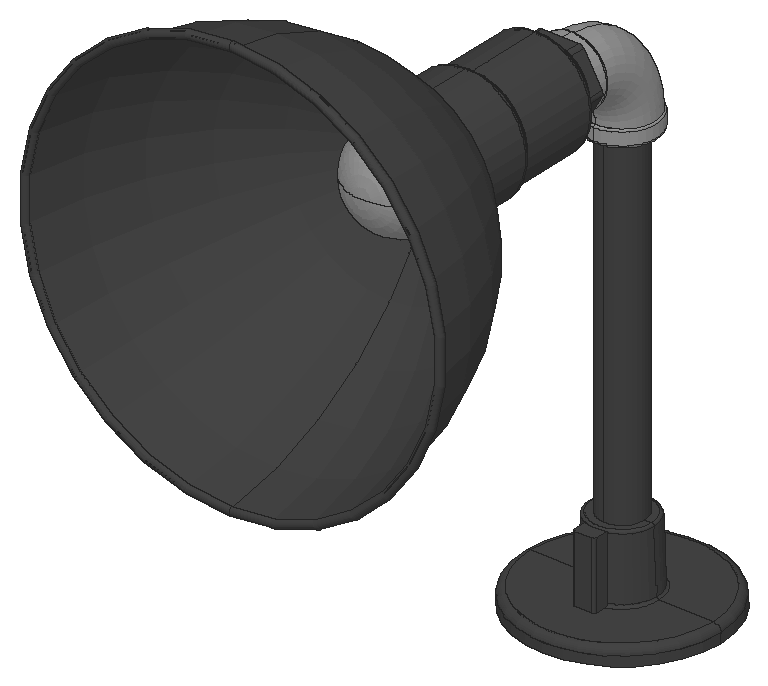
Revit family "BLE-G-DBW-G17-E26", category Lighting Fixtures, host Face, Revit 2022
Family settings
  Host = Face
  Round Connector Dimension = Use Diameter
  Part Type = Normal
  Cut with Voids When Loaded = No
  Light Source = Yes
  Maintain Annotation Orientation = No
  Shared = No
  Room Calculation Point = No
Parameters (values of type "10"")
  Wattage = 5.72229 W
  built-in parameter 1150110 = 1 (stored number, unit not read)
  built-in parameter 1114217 = 1 (stored number, unit not read)
  Tilt Angle = 0.00°
  built-in parameter 1150109 = 1 (stored number, unit not read)
  built-in parameter 1150134 = (empty or 0)
  built-in parameter 1150113 = 1 (stored number, unit not read)
  Gooseneck Material = 100 - Black
  Shade Material = 100 - Black
  Photometric Web File = "generic"
  built-in parameter 1150142 = (empty or 0)
  built-in parameter 1150105 = 67.641 (stored number, unit not read)
  Lumens = 850 lm
  built-in parameter 1150115 = 1 (stored number, unit not read)
  built-in parameter 1150137 = (empty or 0)
  built-in parameter 1150139 = (empty or 0)
  built-in parameter 1150112 = 1 (stored number, unit not read)
  built-in parameter 1150114 = 1 (stored number, unit not read)
  built-in parameter 1150132 = 2
  built-in parameter 1150102 = (empty or 0)
  built-in parameter 1150107 = 3000 (stored number, unit not read)
  built-in parameter 1150138 = (empty or 0)
  built-in parameter 1150106 = 0.67641 (stored number, unit not read)
  built-in parameter 1150104 = 13.8 (stored number, unit not read)
  20" = no
  Dimming Lamp Color Temperature Shift = <None>
  Default Elevation = 4' - 0"
  Color Filter = 16777215
  Base Material = 100 - Black
  built-in parameter 1114218 = 1 (stored number, unit not read)
  built-in parameter 1150133 = 10 (stored number, unit not read)
  16" = no
  14" = no
  12" = no
  10" = yes
Types (6): name | 20" | 16" | 14" | 12" | 10"
  (no name) | no | no | no | no | yes
  12" | no | no | no | yes | no
  14" | no | no | yes | no | no
  16" | no | yes | no | no | no
  10" | no | no | no | no | yes
  20" | yes | no | no | no | no
Reference planes (in)
  plane 1 "Center (Front/Back)": y = 0
  plane 2: z = 0
  plane 3 "Center (Left/Right)": x = 0
Lines and regions (in)
  reference lines
    curve 1: line (0, 32, 0) -> (0, -36, 0)
    curve 2: line (-33.11947, 0, 0) -> (37.88053, 0, 0)
Dimensions and locks (in)
  locked: plane 1 "Center (Front/Back)" to imposter light at 6.5
  aligned and locked: plane 2 to host face
  aligned and locked: level to host face
  aligned and locked: plane 3 "Center (Left/Right)" to nested 1
  aligned and locked: plane 1 "Center (Front/Back)" to nested 1
  aligned and locked: nested 4 to imposter light
  aligned and locked: imposter light to plane 3 "Center (Left/Right)"
  aligned and locked: plane 1 "Center (Front/Back)" to nested 2
  aligned and locked: imposter light to nested 7
  aligned and locked: nested 5 to imposter light  (x2)
  aligned and locked: imposter light to nested 2
  aligned and locked: imposter light to nested 3
  aligned and locked: nested 7 to imposter light
  aligned and locked: nested 6 to imposter light
  aligned and locked: imposter light to nested 6
Nested families (in)
  nested 1: "WBP-7501" at (0, 0, 0), type "WBP-7501"
  nested 2: "G17" at (0, 0, 1.975), type "GNK-5011"
  nested 3: "DBW Shade" at (0, -2.46318, 11.913) x (0, 0, -1) z (0, -1, 0), type "DBW Shade"
    with 24" no, 20" no, 16" no, 14" no, 12" no
  nested 4: "103264" at (0, -3.60156, 11.913) x (0, 0, -1) z (0, -1, 0), type "103264"
    with Heat Sink 9" no
  nested 5: "CPL-0004" at (0, -1.813, 11.913) x (1, 0, 0) z (0, -1, 0), type "CPL-0004"
  nested 6: "E26 Socket Assy" at (0, -2.50224, 11.913) x (0, 0, -1) z (0, -1, 0), type "E26 Socket Assy"
  nested 7: "E26 Bulb" at (0, -4.75723, 11.913) x (1, 0, 0) z (0, -1, 0), type "E26 Bulb"
Connectors (in)
  electrical at (0, 0, 0)
    settings: index 1, voltage 0 V, apparent load 0 VA, apparent load phase1 0 VA, apparent load phase2 0 VA, apparent load phase3 0 VA, power factor 1, load classification "Other", number of poles 1, system type 31, power factor state 1, is connector primary yes, connector utility no, sub classification motor no, connector description ""
Definition of nested family "WBP-7501"
  Parameters (values of type "WBP-7501")
    Default Elevation = 3' - 0"
    Base Material = none
  Reference planes (in)
    plane 1 "Center (Front/Back)": y = 0
    plane 2: z = 0
    plane 3 "Center (Left/Right)": x = 0
    plane 4 "Base Dia": x = -2.325
    plane 5 "Base Height": z = 0.4
    plane 6 "Fillet Radius": z = 0.225
    plane 7: z = 0.458
    plane 8: x = -0.87
    plane 9: x = -0.81
    plane 10: x = -0.76
    plane 11: z = 1.917
    plane 12: z = 1.975
    plane 13: x = -0.7
    plane 14: x = -0.2595
    plane 15: x = 0.2595
    plane 16: y = -1.135
  Forms (in)
    Extrusion 1, solid
      sketch origin (0, 0, 0) x (1, 0, 0) y (0, 1, 0)
        loop
          line (-48, 48) -> (-48, -48) -> (48, -48) -> (48, 48) -> (-48, 48)
      from 0 to -12
    Revolve 2, solid, material <- "Base Material"
      sketch origin (0, 0, 0) x (1, 0, 0) y (0, 0, 1)
        loop
          line (0, 0) -> (0, 1.975) -> (-0.7, 1.975)
          arc (-0.7, 1.975) -> (-0.74172, 1.95814) -> (-0.76, 1.91702) r 0.06003
          line (-0.76, 1.91702) -> (-0.81, 0.458)
          arc (-0.81, 0.458) -> (-0.82699, 0.41699) -> (-0.868, 0.4) r 0.058
          line (-0.868, 0.4) -> (-2.15, 0.4)
          arc (-2.15, 0.4) -> (-2.27374, 0.34874) -> (-2.325, 0.225) r 0.175
          line (-2.325, 0.225) -> (-2.325, 0) -> (0, 0)
        axis (0, 0) -> (0, 1.975)
      angle from 0 to 360
    Extrusion 3, solid, material <- "Base Material"
      sketch origin (0, 0, 0) x (1, 0, 0) y (0, 1, 0)
        loop
          line (-0.2595, -0.76731) -> (-0.2595, -1.075)
          arc (-0.2595, -1.075) -> (-0.24193, -1.11743) -> (-0.1995, -1.135) r 0.06
          line (-0.1995, -1.135) -> (0.1995, -1.135)
          arc (0.1995, -1.135) -> (0.24193, -1.11743) -> (0.2595, -1.075) r 0.06
          line (0.2595, -1.075) -> (0.2595, -0.76731)
          arc (0.2595, -0.76731) -> (0, -0.81) -> (-0.2595, -0.76731) r 0.81
      from 0 to 1.975
  Cuts and joins
    joined: Revolve 2, Extrusion 3
  Dimensions and locks (in)
    plane 4 "Base Dia" to plane 3 "Center (Left/Right)" = 0' - 2.325"
    locked: plane 5 "Base Height" to Extrusion 1 at 0.4
    locked: plane 3 "Center (Left/Right)" to plane 4 "Base Dia" at 2.325
    locked: plane 5 "Base Height" to plane 6 "Fillet Radius" at 0.175
    locked: plane 3 "Center (Left/Right)" to plane 9 at 0.81
    locked: plane 3 "Center (Left/Right)" to plane 8 at 0.87
    locked: plane 3 "Center (Left/Right)" to plane 10 at 0.76
    locked: plane 3 "Center (Left/Right)" to plane 13 at 0.7
    locked: plane 11 to plane 5 "Base Height" at 1.517
    locked: plane 12 to plane 5 "Base Height" at 1.575
    locked: plane 7 to plane 5 "Base Height" at 0.058
    locked: plane 14 to plane 3 "Center (Left/Right)" at 0.2595
    locked: plane 3 "Center (Left/Right)" to plane 15 at 0.2595
    locked: plane 16 to plane 1 "Center (Front/Back)" at 1.135
    radius of Revolve 2 sketch curve = 0' - 0.175"
    aligned and locked: plane 2 to Extrusion 1
    aligned and locked: level to Extrusion 1
    aligned and locked: Revolve 2 sketch curve to plane 5 "Base Height"
    aligned and locked: plane 9 to Revolve 2 sketch curve
    aligned and locked: plane 3 "Center (Left/Right)" to Revolve 2 sketch curve
    aligned and locked: plane 15 to Extrusion 3 sketch curve
    aligned and locked: Extrusion 3 sketch curve to plane 16
    aligned and locked: Extrusion 3 sketch curve to plane 14
  Automatic sketch dimensions
    Extrusion 1 sketch curve to Extrusion 1 sketch curve = 8' - 0"  (x2)
    Revolve 2 sketch curve to level = 0' - 0"
    Revolve 2 sketch curve to plane 4 "Base Dia" = 0' - 0"
    Revolve 2 sketch curve to plane 7 = 0' - 0"  (x2)
    plane 10 to Revolve 2 sketch curve = 0' - 0"
    Revolve 2 sketch curve to plane 12 = 0' - 0"
    Revolve 2 sketch curve to plane 13 = 0' - 0"
    Revolve 2 sketch curve to plane 3 "Center (Left/Right)" = 0' - 0"
    Revolve 2 sketch curve to Revolve 2 sketch curve = 0' - 0.22742"
    Revolve 2 sketch curve to Revolve 2 sketch curve = 0' - 1.76377"
    plane 1 "Center (Front/Back)" to Extrusion 3 sketch curve = 0' - 0"
    Extrusion 3 sketch curve to plane 3 "Center (Left/Right)" = 0' - 0"
    plane 14 to Extrusion 3 sketch curve = 0' - 0.06"
    Extrusion 3 sketch curve to plane 15 = 0' - 0.06"
    Extrusion 3 sketch curve to Extrusion 3 sketch curve = 0' - 0.30769"
Definition of nested family "G17"
  Parameters (values of type "G17")
    Gooseneck Material = none
    Default Elevation = 2' - 0"
  Reference planes (in)
    plane 1 "Center (Front/Back)": y = 0
    plane 2: z = 0
    plane 3 "Center (Left/Right)": x = 0
    plane 4 "Wood Height": z = 0
    plane 5: z = 9.938
  Forms (in)
    Extrusion 1, solid
      sketch origin (0, 0, 0) x (1, 0, 0) y (0, 1, 0)
        loop
          line (-48, 48) -> (-48, -48) -> (48, -48) -> (48, 48) -> (-48, 48)
      from 0 to -12
  Dimensions and locks (in)
    aligned and locked: plane 2 to Extrusion 1
    aligned and locked: level to Extrusion 1
    aligned and locked: Extrusion 1 to plane 4 "Wood Height"
    aligned and locked: plane 3 "Center (Left/Right)" to nested 1
    aligned and locked: plane 1 "Center (Front/Back)" to nested 1
    aligned and locked: plane 3 "Center (Left/Right)" to nested 2
    aligned and locked: plane 1 "Center (Front/Back)" to nested 2
  Nested families (in)
    nested 1: "GNK-7517" at (0, 0, 0), type "GNK-7517"
    nested 2: "APF-750X" at (0, 0, 8.125) x (-1, 0, 0) z (0, 0, 1), type "APF-750X"
  Definition of nested family "GNK-7517"
    Parameters (values of type "GNK-7517")
      Gooseneck Material = none
      Default Elevation = 2' - 0"
    Reference planes (in)
      plane 1 "Center (Front/Back)": y = 0
      plane 2: z = -0.0015
      plane 3 "Center (Left/Right)": x = 0
      plane 4 "Wood Height": z = -0.0015
    Forms (in)
      Extrusion 1, solid
        sketch origin (0, 0, 0) x (1, 0, 0) y (0, 1, 0)
          loop
            line (-48, 48) -> (-48, -48) -> (48, -48) -> (48, 48) -> (-48, 48)
        from -0.0015 to -12
      Sweep 2, solid, material <- "Gooseneck Material"
        path origin (0, 0, 0) x (0, 1, 0) y (0, 0, 1)
          loop
            line (0, -0.0015) -> (0, 8.125)
        profile origin (0, 0, 4.06175) x (0, -1, 0) y (1, 0, 0)
          loop
            circle (0, 0) r 0.52676
    Dimensions and locks (in)
      aligned and locked: plane 2 to Extrusion 1
      aligned and locked: level to Extrusion 1
      aligned and locked: Extrusion 1 to plane 4 "Wood Height"
  Definition of nested family "APF-750X"
    Parameters (values of type "APF-750X")
      Gooseneck Material = none
      Default Elevation = 2' - 0"
    Reference planes (in)
      plane 1 "Center (Front/Back)": y = 0
      plane 2: z = 0
      plane 3 "Center (Left/Right)": x = 0
      plane 4: z = 0.375
      plane 5: y = 0.8225
      plane 6: y = 1.438
      plane 7: y = 1.813
      plane 8: z = 1.813
      plane 9: z = 0.9905
      plane 10: y = 0.77
    Forms (in)
      Extrusion 1, solid
        sketch origin (0, 0, 0) x (1, 0, 0) y (0, 1, 0)
          loop
            line (-48, 48) -> (-48, -48) -> (48, -48) -> (48, 48) -> (-48, 48)
        from 0 to -12
      Revolve 2, solid, material <- "Gooseneck Material"
        sketch origin (0, 0, 0) x (0, 1, 0) y (0, 0, 1)
          loop
            line (0, 0.375) -> (0, 0) -> (0.7825, 0)
            arc (0.7825, 0) -> (0.81078, 0.01172) -> (0.8225, 0.04) r 0.04
            line (0.8225, 0.04) -> (0.8225, 0.335)
            arc (0.8225, 0.335) -> (0.81078, 0.36328) -> (0.7825, 0.375) r 0.04
            line (0.7825, 0.375) -> (0, 0.375)
          axis (0, 0.375) -> (0, 0)
        angle from 0 to 360
      Revolve 3, solid, material <- "Gooseneck Material"
        sketch origin (0, 0, 0) x (0, 1, 0) y (0, 0, 1)
          loop
            line (1.438, 1.813) -> (1.438, 1.0305)
            arc (1.438, 1.0305) -> (1.44972, 1.00222) -> (1.478, 0.9905) r 0.04
            line (1.478, 0.9905) -> (1.773, 0.9905)
            arc (1.773, 0.9905) -> (1.80128, 1.00222) -> (1.813, 1.0305) r 0.04
            line (1.813, 1.0305) -> (1.813, 1.813) -> (1.438, 1.813)
          axis (1.813, 1.813) -> (1.438, 1.813)
        angle from 0 to 360
      Sweep 4, solid, material <- "Gooseneck Material"
        path origin (0, 0, 0) x (0, 1, 0) y (0, 0, 1)
          loop
            line (0, 0) -> (0, 0.375)
            arc (0, 0.375) -> (0.42118, 1.39182) -> (1.438, 1.813) r 1.438
            line (1.438, 1.813) -> (1.813, 1.813)
        profile origin (0, 0, 0.1875) x (0, -1, 0) y (1, 0, 0)
          loop
            circle (0, 0) r 0.77
    Cuts and joins
      joined: Revolve 2, Revolve 3, Sweep 4
    Dimensions and locks (in)
      locked: plane 5 to plane 1 "Center (Front/Back)" at 0.8225
      locked: plane 4 to Extrusion 1 at 0.375
      locked: plane 7 to plane 6 at 0.375
      locked: plane 6 to plane 1 "Center (Front/Back)" at 1.438
      locked: plane 8 to plane 4 at 1.438
      locked: plane 8 to plane 9 at 0.8225
      plane 10 to plane 1 "Center (Front/Back)" = 0' - 0.77"  (x2)
      radius of Revolve 3 sketch curve = 0' - 0.04"
      aligned and locked: plane 2 to Extrusion 1
      aligned and locked: level to Extrusion 1
      aligned and locked: plane 1 "Center (Front/Back)" to Revolve 2 sketch curve
      aligned and locked: Revolve 3 sketch curve to plane 8
    Automatic sketch dimensions
      Extrusion 1 sketch curve to Extrusion 1 sketch curve = 8' - 0"  (x2)
      Revolve 2 sketch curve to plane 1 "Center (Front/Back)" = 0' - 0"
      Revolve 2 sketch curve to level = 0' - 0"
      Revolve 2 sketch curve to plane 4 = 0' - 0"
      Revolve 2 sketch curve to plane 5 = 0' - 0"
      plane 5 to Revolve 2 sketch curve = 0' - 0.04"
      Revolve 2 sketch curve to Revolve 2 sketch curve = 0' - 0.04"
      Revolve 2 sketch curve to level = 0' - 0.2686"
      plane 4 to Revolve 2 sketch curve = 0' - 0 1/4"
      Revolve 3 sketch curve to plane 5 = 0' - 0"
      Revolve 3 sketch curve to plane 6 = 0' - 0"
      Revolve 3 sketch curve to plane 9 = 0' - 0"
      Revolve 3 sketch curve to plane 7 = 0' - 0"
      Revolve 3 sketch curve to plane 8 = 0' - 0"
      plane 7 to Revolve 3 sketch curve = 0' - 0.04"
      Revolve 3 sketch curve to Revolve 3 sketch curve = 0' - 0.18003"
      Sweep 4 sketch curve to plane 6 = 0' - 0"
      Sweep 4 sketch curve to plane 7 = 0' - 0"
      Sweep 4 sketch curve to level = 0' - 0"
      Sweep 4 sketch curve to plane 4 = 0' - 0"
      Sweep 4 sketch curve to plane 8 = 0' - 0"
      Sweep 4 sketch curve to plane 3 "Center (Left/Right)" = 0' - 0"
      Sweep 4 sketch curve to profile plane = 0' - 0"
      radius of Sweep 4 sketch curve = 0' - 0.77"
Definition of nested family "DBW Shade"
  Parameters (values of type "DBW Shade")
    Shade Material = none
    Default Elevation = 2' - 0"
    24" = yes
    20" = yes
    10" = yes
    16" = yes
    14" = yes
    12" = yes
  Reference planes (in)
    plane 1 "Center (Front/Back)": y = 0
    plane 2: z = 0
    plane 3 "Center (Left/Right)": x = 0
  Forms (in)
    Extrusion 1, solid
      sketch origin (0, 0, 0) x (1, 0, 0) y (0, 1, 0)
        loop
          line (-48, 48) -> (-48, -48) -> (48, -48) -> (48, 48) -> (-48, 48)
      from 0 to -12
  Dimensions and locks (in)
    aligned and locked: plane 2 to Extrusion 1
    aligned and locked: level to Extrusion 1
    aligned and locked: plane 1 "Center (Front/Back)" to nested 1
    aligned and locked: plane 3 "Center (Left/Right)" to nested 1
    aligned and locked: plane 3 "Center (Left/Right)" to nested 2
    aligned and locked: plane 1 "Center (Front/Back)" to nested 2
    aligned and locked: plane 1 "Center (Front/Back)" to nested 3
    aligned and locked: plane 3 "Center (Left/Right)" to nested 3
    aligned and locked: plane 1 "Center (Front/Back)" to nested 4
    aligned and locked: plane 1 "Center (Front/Back)" to nested 5
    aligned and locked: plane 3 "Center (Left/Right)" to nested 5
    aligned and locked: plane 3 "Center (Left/Right)" to nested 6
    aligned and locked: plane 1 "Center (Front/Back)" to nested 6
    aligned and locked: plane 3 "Center (Left/Right)" to nested 4
  Nested families (in)
    nested 1: "SHD-0028" at (0, 0, 0), visible <- "10"", type "SHD-0028"
    nested 2: "SHD-0029" at (0, 0, 0), visible <- "12"", type "SHD-0029"
    nested 3: "SHD-0114" at (0, 0, 0), visible <- "14"", type "SHD-0114"
    nested 4: "SHD-0115" at (0, 0, 0), visible <- "16"", type "SHD-0115"
    nested 5: "SHD-0308" at (0, 0, 0), visible <- "24"", type "SHD-0308"
    nested 6: "SHD-0223" at (0, 0, 0), visible <- "20"", type "SHD-0223"
  Definition of nested family "SHD-0028"
    Parameters (values of type "SHD-0028")
      Shade Material = none
      Default Elevation = 2' - 0"
    Reference planes (in)
      plane 1 "Center (Front/Back)": y = 0
      plane 2: z = 0
      plane 3 "Center (Left/Right)": x = 0
      plane 4 "Wood Height": z = 0
      plane 5 "Nut Radius": x = -1.03713
      plane 6 "Nut Flat": x = -0.861
      plane 7 "Shade Thickness": z = 0.04
      plane 8 "Lower Shade bottom": z = 9.109
      plane 9 "Lower Shade Outer Dia": x = -5
      plane 10 "Shade Top Dia": x = -1.20713
      plane 11 "Shade Middle Radius Height1": z = 1.965
      plane 12 "Shade Lower Diameter1": x = -1.44113
      plane 13 "Shade Top Radius": x = -1.29713
      plane 14 "Shade Middle Radious Height2": z = 2.105
      plane 15 "Shade Middle Radius Diameter2": x = -1.41363
      plane 16 "Lip Height": z = 9.029
      plane 17 "Bowl Start": z = 3.545
      plane 18: x = -4.85
      plane 19: z = 9.069
    Forms (in)
      Extrusion 1, solid
        sketch origin (0, 0, 0) x (1, 0, 0) y (0, 1, 0)
          loop
            line (-48, 48) -> (-48, -48) -> (48, -48) -> (48, 48) -> (-48, 48)
        from 0 to -12
      Revolve 2, solid, material <- "Shade Material"
        sketch origin (0, 0, 0) x (1, 0, 0) y (0, 0, 1)
          loop
            line (0, 0) -> (0, 0.03906) -> (-1.20713, 0.03906)
            arc (-1.20713, 0.03906) -> (-1.24314, 0.05398) -> (-1.25806, 0.09) r 0.05094
            line (-1.25806, 0.09) -> (-1.25806, 1.94384)
            arc (-1.25806, 1.94384) -> (-1.26409, 1.97759) -> (-1.28141, 2.00717) r 0.09757
            line (-1.28141, 2.00717) -> (-1.37456, 2.11635) -> (-1.37456, 3.48096)
            arc (-1.37456, 3.48096) -> (-1.39014, 3.54099) -> (-1.43295, 3.58588) r 0.12347
            arc (-1.43295, 3.58588) -> (-3.7536, 5.90437) -> (-4.80544, 9.01154) r 7.20294
            arc (-4.80544, 9.01154) -> (-4.99326, 9.04214) -> (-4.84504, 8.9228) r 0.09841
            line (-4.84504, 8.9228) -> (-4.86619, 8.95581)
            arc (-4.86619, 8.95581) -> (-4.95809, 9.02506) -> (-4.84432, 9.00777) r 0.05934
            arc (-4.84432, 9.00777) -> (-3.78678, 5.88375) -> (-1.45354, 3.55268) r 7.242
            arc (-1.45354, 3.55268) -> (-1.42428, 3.522) -> (-1.41363, 3.48096) r 0.0844
            line (-1.41363, 3.48096) -> (-1.41363, 2.13147)
            arc (-1.41363, 2.13147) -> (-1.40868, 2.10377) -> (-1.39446, 2.07949) r 0.08009
            line (-1.39446, 2.07949) -> (-1.31112, 1.98181)
            arc (-1.31112, 1.98181) -> (-1.30074, 1.96408) -> (-1.29713, 1.94384) r 0.0585
            line (-1.29713, 1.94384) -> (-1.29713, 0.09)
            arc (-1.29713, 0.09) -> (-1.27077, 0.02636) -> (-1.20713, 0) r 0.09
            line (-1.20713, 0) -> (0, 0)
          axis (0, 9.01154) -> (0, 0)
        angle from 0 to 360
    Dimensions and locks (in)
      locked: plane 6 "Nut Flat" to plane 3 "Center (Left/Right)" at 0.861
      locked: plane 7 "Shade Thickness" to plane 4 "Wood Height" at 0.04
      locked: plane 3 "Center (Left/Right)" to plane 9 "Lower Shade Outer Dia" at 5
      locked: plane 11 "Shade Middle Radius Height1" to plane 4 "Wood Height" at 1.965
      locked: plane 14 "Shade Middle Radious Height2" to plane 4 "Wood Height" at 2.105
      locked: plane 8 "Lower Shade bottom" to plane 16 "Lip Height" at 0.08
      locked: plane 17 "Bowl Start" to plane 4 "Wood Height" at 3.545
      locked: plane 18 to plane 9 "Lower Shade Outer Dia" at 0.15
      locked: plane 8 "Lower Shade bottom" to plane 19 at 0.04
      locked: plane 8 "Lower Shade bottom" to plane 4 "Wood Height" at 9.109
      aligned and locked: plane 2 to Extrusion 1
      aligned and locked: level to Extrusion 1
      aligned and locked: plane 4 "Wood Height" to Revolve 2 sketch curve
      aligned and locked: plane 10 "Shade Top Dia" to Revolve 2 sketch curve
      aligned and locked: Revolve 2 sketch curve to plane 15 "Shade Middle Radius Diameter2"
      aligned and locked: Revolve 2 sketch curve to plane 13 "Shade Top Radius"
      aligned and locked: Extrusion 1 to plane 4 "Wood Height"
    Automatic sketch dimensions
      Extrusion 1 sketch curve to Extrusion 1 sketch curve = 8' - 0"  (x2)
      Revolve 2 sketch curve to Revolve 2 sketch curve = 0' - 0"  (x12)
      Revolve 2 sketch curve to plane 3 "Center (Left/Right)" = 0' - 0"  (x2)
      plane 18 to Revolve 2 sketch curve = 0' - 0.00496"
      Revolve 2 sketch curve to plane 18 = 0' - 0.01619"
      plane 15 "Shade Middle Radius Diameter2" to Revolve 2 sketch curve = 0' - 0.01916"
      plane 14 "Shade Middle Radious Height2" to Revolve 2 sketch curve = 0' - 0.01135"
      plane 15 "Shade Middle Radius Diameter2" to Revolve 2 sketch curve = 0' - 0 5/128"
      Revolve 2 sketch curve to plane 11 "Shade Middle Radius Height1" = 0' - 0.02116"
      plane 15 "Shade Middle Radius Diameter2" to Revolve 2 sketch curve = 0' - 0.058"
      plane 14 "Shade Middle Radious Height2" to Revolve 2 sketch curve = 0' - 0.02647"
      Revolve 2 sketch curve to plane 13 "Shade Top Radius" = 0' - 0.01572"
      Revolve 2 sketch curve to Revolve 2 sketch curve = 0' - 0 5/128"
      Revolve 2 sketch curve to plane 17 "Bowl Start" = 0' - 0.06404"
      plane 18 to Revolve 2 sketch curve = 0' - 0.00568"
      plane 17 "Bowl Start" to Revolve 2 sketch curve = 0' - 0.15101"
      Revolve 2 sketch curve to Revolve 2 sketch curve = 0' - 2.15863"
      Revolve 2 sketch curve to plane 12 "Shade Lower Diameter1" = 0' - 0.00818"
      Revolve 2 sketch curve to Revolve 2 sketch curve = 0' - 0.03888"  (x2)
      Revolve 2 sketch curve to Revolve 2 sketch curve = 0' - 0.03301"
      Revolve 2 sketch curve to Revolve 2 sketch curve = 0' - 0.02059"
      Revolve 2 sketch curve to Revolve 2 sketch curve = 0' - 0.03319"
  Definition of nested family "SHD-0029"
    Parameters (values of type "SHD-0029")
      Shade Material = none
      Default Elevation = 2' - 0"
    Reference planes (in)
      plane 1 "Center (Front/Back)": y = 0
      plane 2: z = 0
      plane 3 "Center (Left/Right)": x = 0
      plane 4 "Wood Height": z = 0
      plane 5 "Nut Radius": x = -1.03713
      plane 6 "Nut Flat": x = -0.861
      plane 7 "Shade Thickness": z = 0.04
      plane 8 "Shade Top Dia": x = -1.20713
      plane 9 "Shade Middle Radius Height1": z = 1.965
      plane 10 "Shade Lower Diameter1": x = -1.44113
      plane 11 "Shade Top Radius": x = -1.29713
      plane 12 "Shade Middle Radious Height2": z = 2.105
      plane 13 "Shade Middle Radius Diameter2": x = -1.41363
      plane 14 "Bowl Start": z = 3.545
    Forms (in)
      Extrusion 1, solid
        sketch origin (0, 0, 0) x (1, 0, 0) y (0, 1, 0)
          loop
            line (-48, 48) -> (-48, -48) -> (48, -48) -> (48, 48) -> (-48, 48)
        from 0 to -12
      Revolve 2, solid, material <- "Shade Material"
        sketch origin (0, 0, 0) x (1, 0, 0) y (0, 0, 1)
          loop
            line (0, 0) -> (0, 0.03906) -> (-1.20713, 0.03906)
            arc (-1.20713, 0.03906) -> (-1.24314, 0.05398) -> (-1.25806, 0.09) r 0.05094
            line (-1.25806, 0.09) -> (-1.25806, 1.94384)
            arc (-1.25806, 1.94384) -> (-1.26409, 1.97759) -> (-1.28141, 2.00717) r 0.09757
            line (-1.28141, 2.00717) -> (-1.37456, 2.11635) -> (-1.37456, 3.49488)
            arc (-1.37456, 3.49488) -> (-1.3856, 3.54027) -> (-1.41623, 3.57553) r 0.09889
            arc (-1.41623, 3.57553) -> (-4.2546, 6.22323) -> (-5.80711, 9.7808) r 9.56481
            arc (-5.80711, 9.7808) -> (-5.99536, 9.79563) -> (-5.84506, 9.68132) r 0.09841
            line (-5.84506, 9.68132) -> (-5.86621, 9.71432)
            arc (-5.86621, 9.71432) -> (-5.9593, 9.78052) -> (-5.84534, 9.77276) r 0.05934
            arc (-5.84534, 9.77276) -> (-4.28694, 6.2013) -> (-1.43786, 3.54296) r 9.60387
            arc (-1.43786, 3.54296) -> (-1.42003, 3.5218) -> (-1.41363, 3.49488) r 0.05982
            line (-1.41363, 3.49488) -> (-1.41363, 2.13147)
            arc (-1.41363, 2.13147) -> (-1.40868, 2.10377) -> (-1.39446, 2.07949) r 0.08009
            line (-1.39446, 2.07949) -> (-1.31112, 1.98181)
            arc (-1.31112, 1.98181) -> (-1.30074, 1.96408) -> (-1.29713, 1.94384) r 0.0585
            line (-1.29713, 1.94384) -> (-1.29713, 0.09)
            arc (-1.29713, 0.09) -> (-1.27077, 0.02636) -> (-1.20713, 0) r 0.09
            line (-1.20713, 0) -> (0, 0)
          axis (0, 9.7808) -> (0, 0)
        angle from 0 to 360
    Dimensions and locks (in)
      locked: plane 6 "Nut Flat" to plane 3 "Center (Left/Right)" at 0.861
      locked: plane 7 "Shade Thickness" to plane 4 "Wood Height" at 0.04
      locked: plane 9 "Shade Middle Radius Height1" to plane 4 "Wood Height" at 1.965
      locked: plane 12 "Shade Middle Radious Height2" to plane 4 "Wood Height" at 2.105
      locked: plane 14 "Bowl Start" to plane 4 "Wood Height" at 3.545
      aligned and locked: plane 2 to Extrusion 1
      aligned and locked: level to Extrusion 1
      aligned and locked: plane 4 "Wood Height" to Revolve 2 sketch curve
      aligned and locked: plane 8 "Shade Top Dia" to Revolve 2 sketch curve
      aligned and locked: Revolve 2 sketch curve to plane 13 "Shade Middle Radius Diameter2"
      aligned and locked: Revolve 2 sketch curve to plane 11 "Shade Top Radius"
      aligned and locked: Extrusion 1 to plane 4 "Wood Height"
    Automatic sketch dimensions
      Extrusion 1 sketch curve to Extrusion 1 sketch curve = 8' - 0"  (x2)
      Revolve 2 sketch curve to Revolve 2 sketch curve = 0' - 0"  (x15)
      Revolve 2 sketch curve to plane 3 "Center (Left/Right)" = 0' - 0"  (x2)
      plane 10 "Shade Lower Diameter1" to Revolve 2 sketch curve = 0' - 0.03232"
      Revolve 2 sketch curve to Revolve 2 sketch curve = 0' - 0.02115"
      Revolve 2 sketch curve to Revolve 2 sketch curve = 0' - 0.0372"
      plane 13 "Shade Middle Radius Diameter2" to Revolve 2 sketch curve = 0' - 0.01916"
      plane 12 "Shade Middle Radious Height2" to Revolve 2 sketch curve = 0' - 0.01135"
      plane 13 "Shade Middle Radius Diameter2" to Revolve 2 sketch curve = 0' - 0 5/128"
      Revolve 2 sketch curve to plane 9 "Shade Middle Radius Height1" = 0' - 0.02116"
      plane 13 "Shade Middle Radius Diameter2" to Revolve 2 sketch curve = 0' - 0.058"
      plane 12 "Shade Middle Radious Height2" to Revolve 2 sketch curve = 0' - 0.02647"
      Revolve 2 sketch curve to plane 11 "Shade Top Radius" = 0' - 0.01572"
      Revolve 2 sketch curve to Revolve 2 sketch curve = 0' - 0 5/128"
      Revolve 2 sketch curve to plane 14 "Bowl Start" = 0' - 0.05012"
      Revolve 2 sketch curve to Revolve 2 sketch curve = 0' - 0.03301"
      Revolve 2 sketch curve to Revolve 2 sketch curve = 0' - 0.04623"
      Revolve 2 sketch curve to plane 13 "Shade Middle Radius Diameter2" = 0' - 0.00261"
      Revolve 2 sketch curve to plane 14 "Bowl Start" = 0' - 0.00204"
      plane 14 "Bowl Start" to Revolve 2 sketch curve = 0' - 0.15101"
      Revolve 2 sketch curve to Revolve 2 sketch curve = 0' - 2.15863"
      plane 10 "Shade Lower Diameter1" to Revolve 2 sketch curve = 0' - 4.40394"
      plane 3 "Center (Left/Right)" to Revolve 2 sketch curve = 0' - 3.5532"
      plane 14 "Bowl Start" to Revolve 2 sketch curve = 0' - 6.13632"
  Definition of nested family "SHD-0114"
    Parameters (values of type "SHD-0114")
      Shade Material = none
      Default Elevation = 2' - 0"
    Reference planes (in)
      plane 1 "Center (Front/Back)": y = 0
      plane 2: z = 0
      plane 3 "Center (Left/Right)": x = 0
      plane 4 "Wood Height": z = 0
    Forms (in)
      Extrusion 1, solid
        sketch origin (0, 0, 0) x (1, 0, 0) y (0, 1, 0)
          loop
            line (-48, 48) -> (-48, -48) -> (48, -48) -> (48, 48) -> (-48, 48)
        from 0 to -12
      Revolve 2, solid, material <- "Shade Material"
        sketch origin (0, 0, 0) x (1, 0, 0) y (0, 0, 1)
          loop
            line (0, 0) -> (0, 0.03906) -> (-1.45545, 0.03906)
            arc (-1.45545, 0.03906) -> (-1.49164, 0.05405) -> (-1.50663, 0.09025) r 0.05119
            line (-1.50663, 0.09025) -> (-1.50663, 2.07228)
            arc (-1.50663, 2.07228) -> (-1.51325, 2.1034) -> (-1.53194, 2.12913) r 0.0765
            line (-1.53194, 2.12913) -> (-1.59895, 2.18946)
            arc (-1.59895, 2.18946) -> (-1.61737, 2.21483) -> (-1.62389, 2.24549) r 0.07539
            line (-1.62389, 2.24549) -> (-1.62389, 3.76049)
            arc (-1.62389, 3.76049) -> (-1.63985, 3.81863) -> (-1.68326, 3.86047) r 0.11386
            arc (-1.68326, 3.86047) -> (-5.12462, 6.95788) -> (-6.79993, 11.27416) r 9.99002
            arc (-6.79993, 11.27416) -> (-6.99505, 11.29998) -> (-6.84047, 11.17815) r 0.10205
            line (-6.84047, 11.17815) -> (-6.86365, 11.20959)
            arc (-6.86365, 11.20959) -> (-6.95906, 11.28479) -> (-6.83863, 11.26885) r 0.06299
            arc (-6.83863, 11.26885) -> (-5.15677, 6.93569) -> (-1.70196, 3.82617) r 10.02909
            arc (-1.70196, 3.82617) -> (-1.67344, 3.79868) -> (-1.66295, 3.76049) r 0.07479
            line (-1.66295, 3.76049) -> (-1.66295, 2.24549)
            arc (-1.66295, 2.24549) -> (-1.65306, 2.19894) -> (-1.62508, 2.16043) r 0.11445
            line (-1.62508, 2.16043) -> (-1.55808, 2.1001)
            arc (-1.55808, 2.1001) -> (-1.54893, 2.08751) -> (-1.54569, 2.07228) r 0.03743
            line (-1.54569, 2.07228) -> (-1.54569, 0.09025)
            arc (-1.54569, 0.09025) -> (-1.51926, 0.02643) -> (-1.45545, 0) r 0.09025
            line (-1.45545, 0) -> (0, 0)
          axis (0, 11.27416) -> (0, 0)
        angle from 0 to 360
    Dimensions and locks (in)
      aligned and locked: plane 2 to Extrusion 1
      aligned and locked: level to Extrusion 1
      aligned and locked: Extrusion 1 to plane 4 "Wood Height"
    Automatic sketch dimensions
      Extrusion 1 sketch curve to Extrusion 1 sketch curve = 8' - 0"  (x2)
      Revolve 2 sketch curve to Revolve 2 sketch curve = 0' - 0"  (x25)
      Revolve 2 sketch curve to level = 0' - 0"
      Revolve 2 sketch curve to plane 3 "Center (Left/Right)" = 0' - 0"  (x2)
      Revolve 2 sketch curve to Revolve 2 sketch curve = 0' - 0.01239"
      Revolve 2 sketch curve to Revolve 2 sketch curve = 0' - 0.07479"
      Revolve 2 sketch curve to Revolve 2 sketch curve = 0' - 0.02318"
      Revolve 2 sketch curve to Revolve 2 sketch curve = 0' - 0.03738"
      Revolve 2 sketch curve to Revolve 2 sketch curve = 0' - 0.03144"
      Revolve 2 sketch curve to Revolve 2 sketch curve = 0' - 0.0507"
      Revolve 2 sketch curve to Revolve 2 sketch curve = 0' - 0.01869"  (x2)
      Revolve 2 sketch curve to Revolve 2 sketch curve = 0' - 2.15863"
      plane 3 "Center (Left/Right)" to Revolve 2 sketch curve = 0' - 3.09734"
      Revolve 2 sketch curve to Revolve 2 sketch curve = 0' - 0.02614"
      Revolve 2 sketch curve to Revolve 2 sketch curve = 0' - 0 5/128"  (x2)
      Revolve 2 sketch curve to Revolve 2 sketch curve = 0' - 1.45545"
      Revolve 2 sketch curve to Revolve 2 sketch curve = 0' - 0.05119"
      Revolve 2 sketch curve to Revolve 2 sketch curve = 0' - 0.02531"
      Revolve 2 sketch curve to Revolve 2 sketch curve = 0' - 0.01656"
      Revolve 2 sketch curve to Revolve 2 sketch curve = 0' - 0.02505"
      Revolve 2 sketch curve to Revolve 2 sketch curve = 0' - 0.05045"
      Revolve 2 sketch curve to plane 3 "Center (Left/Right)" = 0' - 6.84047"
      Revolve 2 sketch curve to Revolve 2 sketch curve = 0' - 1.98204"
      Revolve 2 sketch curve to Revolve 2 sketch curve = 0' - 1.515"
      Revolve 2 sketch curve to Revolve 2 sketch curve = 0' - 7.41765"
      Revolve 2 sketch curve to Revolve 2 sketch curve = 0' - 0.06448"
  Definition of nested family "SHD-0115"
    Parameters (values of type "SHD-0115")
      Shade Material = none
      Default Elevation = 2' - 0"
    Reference planes (in)
      plane 1 "Center (Front/Back)": y = 0
      plane 2: z = 0
      plane 3 "Center (Left/Right)": x = 0
      plane 4 "Wood Height": z = 0
    Forms (in)
      Extrusion 1, solid
        sketch origin (0, 0, 0) x (1, 0, 0) y (0, 1, 0)
          loop
            line (-48, 48) -> (-48, -48) -> (48, -48) -> (48, 48) -> (-48, 48)
        from 0 to -12
      Revolve 2, solid, material <- "Shade Material"
        sketch origin (0, 0, 0) x (1, 0, 0) y (0, 0, 1)
          loop
            line (0, 0) -> (0, 0.03906) -> (-1.45545, 0.03906)
            arc (-1.45545, 0.03906) -> (-1.49164, 0.05405) -> (-1.50663, 0.09025) r 0.05119
            line (-1.50663, 0.09025) -> (-1.50663, 2.07228)
            arc (-1.50663, 2.07228) -> (-1.51325, 2.1034) -> (-1.53194, 2.12913) r 0.0765
            line (-1.53194, 2.12913) -> (-1.59895, 2.18946)
            arc (-1.59895, 2.18946) -> (-1.61737, 2.21483) -> (-1.62389, 2.24549) r 0.07539
            line (-1.62389, 2.24549) -> (-1.62389, 3.76049)
            arc (-1.62389, 3.76049) -> (-1.64115, 3.82076) -> (-1.6877, 3.86276) r 0.11386
            arc (-1.6877, 3.86276) -> (-5.9143, 7.51176) -> (-7.79992, 12.76759) r 10.98102
            arc (-7.79992, 12.76759) -> (-7.99459, 12.80067) -> (-7.84102, 12.67655) r 0.10205
            line (-7.84102, 12.67655) -> (-7.8642, 12.70799)
            arc (-7.8642, 12.70799) -> (-7.95899, 12.7846) -> (-7.83883, 12.76418) r 0.06299
            arc (-7.83883, 12.76418) -> (-5.94651, 7.48965) -> (-1.70487, 3.82767) r 11.02008
            arc (-1.70487, 3.82767) -> (-1.67429, 3.80009) -> (-1.66295, 3.76049) r 0.07479
            line (-1.66295, 3.76049) -> (-1.66295, 2.24549)
            arc (-1.66295, 2.24549) -> (-1.65306, 2.19894) -> (-1.62508, 2.16043) r 0.11445
            line (-1.62508, 2.16043) -> (-1.55808, 2.1001)
            arc (-1.55808, 2.1001) -> (-1.54893, 2.08751) -> (-1.54569, 2.07228) r 0.03743
            line (-1.54569, 2.07228) -> (-1.54569, 0.09025)
            arc (-1.54569, 0.09025) -> (-1.51926, 0.02643) -> (-1.45545, 0) r 0.09025
            line (-1.45545, 0) -> (0, 0)
          axis (0, 12.76759) -> (0, 0)
        angle from 0 to 360
    Dimensions and locks (in)
      aligned and locked: plane 2 to Extrusion 1
      aligned and locked: level to Extrusion 1
      aligned and locked: Extrusion 1 to plane 4 "Wood Height"
    Automatic sketch dimensions
      Extrusion 1 sketch curve to Extrusion 1 sketch curve = 8' - 0"  (x2)
      Revolve 2 sketch curve to Revolve 2 sketch curve = 0' - 0"  (x16)
      Revolve 2 sketch curve to level = 0' - 0"
      Revolve 2 sketch curve to plane 3 "Center (Left/Right)" = 0' - 0"  (x2)
      Revolve 2 sketch curve to Revolve 2 sketch curve = 0' - 1.45545"
      Revolve 2 sketch curve to plane 3 "Center (Left/Right)" = 0' - 1.50663"
      Revolve 2 sketch curve to Revolve 2 sketch curve = 0' - 0.02531"
      Revolve 2 sketch curve to Revolve 2 sketch curve = 0' - 0 5/128"
      Revolve 2 sketch curve to Revolve 2 sketch curve = 0' - 0.01656"
      Revolve 2 sketch curve to Revolve 2 sketch curve = 0' - 0.01239"
      Revolve 2 sketch curve to Revolve 2 sketch curve = 0' - 0.02505"
      Revolve 2 sketch curve to Revolve 2 sketch curve = 0' - 0.05045"
      Revolve 2 sketch curve to Revolve 2 sketch curve = 0' - 0.02494"
      Revolve 2 sketch curve to Revolve 2 sketch curve = 0' - 0.02614"
      Revolve 2 sketch curve to Revolve 2 sketch curve = 0' - 0.07479"
      Revolve 2 sketch curve to Revolve 2 sketch curve = 0' - 0.02318"
      Revolve 2 sketch curve to Revolve 2 sketch curve = 0' - 0.03738"
      plane 3 "Center (Left/Right)" to Revolve 2 sketch curve = 0' - 3.13919"
      Revolve 2 sketch curve to Revolve 2 sketch curve = 0' - 1.98204"
      Revolve 2 sketch curve to Revolve 2 sketch curve = 0' - 1.515"
      Revolve 2 sketch curve to Revolve 2 sketch curve = 0' - 0.03144"
      Revolve 2 sketch curve to Revolve 2 sketch curve = 0' - 0.0507"
      Revolve 2 sketch curve to Revolve 2 sketch curve = 0' - 1.04947"
      Revolve 2 sketch curve to Revolve 2 sketch curve = 0' - 0.03891"
      Revolve 2 sketch curve to Revolve 2 sketch curve = 0' - 0.06448"
      Revolve 2 sketch curve to Revolve 2 sketch curve = 0' - 2.15863"
  Definition of nested family "SHD-0308"
    Parameters (values of type "SHD-0308")
      Shade Material = none
      Default Elevation = 2' - 0"
    Reference planes (in)
      plane 1 "Center (Front/Back)": y = 0
      plane 2: z = 0
      plane 3 "Center (Left/Right)": x = 0
      plane 4 "Wood Height": z = 0
    Forms (in)
      Extrusion 1, solid
        sketch origin (0, 0, 0) x (1, 0, 0) y (0, 1, 0)
          loop
            line (-48, 48) -> (-48, -48) -> (48, -48) -> (48, 48) -> (-48, 48)
        from 0 to -12
      Revolve 2, solid, material <- "Shade Material"
        sketch origin (0, 0, 0) x (1, 0, 0) y (0, 0, 1)
          loop
            line (0, 0) -> (0, 0.03906) -> (-2.22237, 0.03906)
            arc (-2.22237, 0.03906) -> (-2.2742, 0.06053) -> (-2.29567, 0.11236) r 0.0733
            line (-2.29567, 0.11236) -> (-2.29567, 3.09806)
            arc (-2.29567, 3.09806) -> (-2.30835, 3.16758) -> (-2.34475, 3.22814) r 0.19691
            line (-2.34475, 3.22814) -> (-2.42725, 3.32189)
            arc (-2.42725, 3.32189) -> (-2.46224, 3.38009) -> (-2.47442, 3.4469) r 0.18923
            line (-2.47442, 3.4469) -> (-2.47442, 5.72055)
            arc (-2.47442, 5.72055) -> (-2.4994, 5.80773) -> (-2.56677, 5.86845) r 0.16462
            arc (-2.56677, 5.86845) -> (-9.0535, 11.47959) -> (-11.91654, 19.56448) r 16.76616
            arc (-11.91654, 19.56448) -> (-11.93143, 19.59499) -> (-11.96306, 19.60734) r 0.04667
            line (-11.96306, 19.60734) -> (-12.00319, 19.60734)
            arc (-12.00319, 19.60734) -> (-12.07667, 19.53386) -> (-12.00319, 19.46037) r 0.07348
            line (-12.00319, 19.46037) -> (-11.96309, 19.46037) -> (-11.96309, 19.49944) -> (-12.00319, 19.49944)
            arc (-12.00319, 19.49944) -> (-12.03761, 19.53386) -> (-12.00319, 19.56828) r 0.03442
            line (-12.00319, 19.56828) -> (-11.95604, 19.56828)
            arc (-11.95604, 19.56828) -> (-9.08774, 11.46046) -> (-2.58392, 5.83336) r 16.80523
            arc (-2.58392, 5.83336) -> (-2.53254, 5.78704) -> (-2.51348, 5.72055) r 0.12556
            line (-2.51348, 5.72055) -> (-2.51348, 3.4469)
            arc (-2.51348, 3.4469) -> (-2.49878, 3.3663) -> (-2.45658, 3.29609) r 0.22829
            line (-2.45658, 3.29609) -> (-2.37408, 3.20234)
            arc (-2.37408, 3.20234) -> (-2.34489, 3.15379) -> (-2.33473, 3.09806) r 0.15785
            line (-2.33473, 3.09806) -> (-2.33473, 0.11236)
            arc (-2.33473, 0.11236) -> (-2.30182, 0.03291) -> (-2.22237, 0) r 0.11236
            line (-2.22237, 0) -> (0, 0)
          axis (0, 19.60734) -> (0, 0)
        angle from 0 to 360
    Dimensions and locks (in)
      aligned and locked: plane 2 to Extrusion 1
      aligned and locked: level to Extrusion 1
      aligned and locked: Extrusion 1 to plane 4 "Wood Height"
    Automatic sketch dimensions
      Extrusion 1 sketch curve to Extrusion 1 sketch curve = 8' - 0"  (x2)
      Revolve 2 sketch curve to Revolve 2 sketch curve = 0' - 0"  (x24)
      Revolve 2 sketch curve to level = 0' - 0"
      Revolve 2 sketch curve to plane 3 "Center (Left/Right)" = 0' - 0"  (x2)
      Revolve 2 sketch curve to Revolve 2 sketch curve = 0' - 0.01047"
      Revolve 2 sketch curve to Revolve 2 sketch curve = 0' - 0.01002"
      Revolve 2 sketch curve to Revolve 2 sketch curve = 0' - 0.02933"  (x2)
      Revolve 2 sketch curve to Revolve 2 sketch curve = 0' - 0.04717"
      Revolve 2 sketch curve to Revolve 2 sketch curve = 0' - 0.12556"
      Revolve 2 sketch curve to Revolve 2 sketch curve = 0' - 0.00701"
      Revolve 2 sketch curve to Revolve 2 sketch curve = 0' - 0.00004"
      Revolve 2 sketch curve to Revolve 2 sketch curve = 0' - 0.04013"
      plane 3 "Center (Left/Right)" to Revolve 2 sketch curve = 0' - 4.79372"
      Revolve 2 sketch curve to Revolve 2 sketch curve = 0' - 0 5/128"  (x2)
      Revolve 2 sketch curve to Revolve 2 sketch curve = 0' - 2.9857"
      Revolve 2 sketch curve to Revolve 2 sketch curve = 0' - 2.27365"
      Revolve 2 sketch curve to Revolve 2 sketch curve = 0' - 0.03442"
      Revolve 2 sketch curve to Revolve 2 sketch curve = 0' - 0.00761"
      Revolve 2 sketch curve to Revolve 2 sketch curve = 0' - 0.24911"
      Revolve 2 sketch curve to Revolve 2 sketch curve = 0' - 2.15863"
      Revolve 2 sketch curve to Revolve 2 sketch curve = 0' - 2.22237"
      Revolve 2 sketch curve to plane 3 "Center (Left/Right)" = 0' - 2.28519"
      Revolve 2 sketch curve to plane 3 "Center (Left/Right)" = 0' - 11.95604"
      Revolve 2 sketch curve to Revolve 2 sketch curve = 1' - 1.73983"
      Revolve 2 sketch curve to Revolve 2 sketch curve = 1' - 3.07792"
  Definition of nested family "SHD-0223"
    Parameters (values of type "SHD-0223")
      Shade Material = none
      Default Elevation = 2' - 0"
    Reference planes (in)
      plane 1 "Center (Front/Back)": y = 0
      plane 2: z = 0
      plane 3 "Center (Left/Right)": x = 0
      plane 4 "Wood Height": z = 0
    Forms (in)
      Extrusion 1, solid
        sketch origin (0, 0, 0) x (1, 0, 0) y (0, 1, 0)
          loop
            line (-48, 48) -> (-48, -48) -> (48, -48) -> (48, 48) -> (-48, 48)
        from 0 to -12
      Revolve 2, solid, material <- "Shade Material"
        sketch origin (0, 0, 0) x (1, 0, 0) y (0, 0, 1)
          loop
            line (0, 0) -> (0, 0.03906) -> (-1.8485, 0.03906)
            arc (-1.8485, 0.03906) -> (-1.88896, 0.05582) -> (-1.90572, 0.09628) r 0.05722
            line (-1.90572, 0.09628) -> (-1.90572, 2.57881)
            arc (-1.90572, 2.57881) -> (-1.9168, 2.64011) -> (-1.94865, 2.69364) r 0.17504
            line (-1.94865, 2.69364) -> (-2.01787, 2.77327)
            arc (-2.01787, 2.77327) -> (-2.04498, 2.81883) -> (-2.05441, 2.871) r 0.14898
            line (-2.05441, 2.871) -> (-2.05441, 4.7663)
            arc (-2.05441, 4.7663) -> (-2.07634, 4.84285) -> (-2.13548, 4.89618) r 0.14458
            arc (-2.13548, 4.89618) -> (-7.53748, 9.56968) -> (-9.92412, 16.30223) r 13.97395
            arc (-9.92412, 16.30223) -> (-9.93712, 16.32887) -> (-9.96474, 16.33964) r 0.04076
            line (-9.96474, 16.33964) -> (-10.00281, 16.33964)
            arc (-10.00281, 16.33964) -> (-10.06432, 16.27814) -> (-10.00281, 16.21663) r 0.06151
            line (-10.00281, 16.21663) -> (-9.96563, 16.21663) -> (-9.96563, 16.25569) -> (-10.00281, 16.25569)
            arc (-10.00281, 16.25569) -> (-10.02526, 16.27814) -> (-10.00281, 16.30058) r 0.02244
            line (-10.00281, 16.30058) -> (-9.96317, 16.30058)
            arc (-9.96317, 16.30058) -> (-7.57018, 9.5483) -> (-2.15264, 4.86109) r 14.01301
            arc (-2.15264, 4.86109) -> (-2.10948, 4.82217) -> (-2.09348, 4.7663) r 0.10551
            line (-2.09348, 4.7663) -> (-2.09348, 2.871)
            arc (-2.09348, 2.871) -> (-2.08157, 2.80515) -> (-2.04735, 2.74764) r 0.18804
            line (-2.04735, 2.74764) -> (-1.97814, 2.66801)
            arc (-1.97814, 2.66801) -> (-1.95339, 2.62643) -> (-1.94478, 2.57881) r 0.13598
            line (-1.94478, 2.57881) -> (-1.94478, 0.09628)
            arc (-1.94478, 0.09628) -> (-1.91658, 0.0282) -> (-1.8485, 0) r 0.09628
            line (-1.8485, 0) -> (0, 0)
          axis (0, 16.33964) -> (0, 0)
        angle from 0 to 360
    Dimensions and locks (in)
      aligned and locked: plane 2 to Extrusion 1
      aligned and locked: level to Extrusion 1
      aligned and locked: Extrusion 1 to plane 4 "Wood Height"
    Automatic sketch dimensions
      Extrusion 1 sketch curve to Extrusion 1 sketch curve = 8' - 0"  (x2)
      Revolve 2 sketch curve to Revolve 2 sketch curve = 0' - 0"  (x24)
      Revolve 2 sketch curve to level = 0' - 0"
      Revolve 2 sketch curve to plane 3 "Center (Left/Right)" = 0' - 0"  (x2)
      Revolve 2 sketch curve to Revolve 2 sketch curve = 0' - 0.05722"
      Revolve 2 sketch curve to Revolve 2 sketch curve = 0' - 0.00387"
      Revolve 2 sketch curve to Revolve 2 sketch curve = 0' - 0.02948"  (x2)
      Revolve 2 sketch curve to Revolve 2 sketch curve = 0' - 0.06922"
      Revolve 2 sketch curve to Revolve 2 sketch curve = 0' - 0.10551"
      Revolve 2 sketch curve to Revolve 2 sketch curve = 0' - 0.00156"
      Revolve 2 sketch curve to Revolve 2 sketch curve = 0' - 0.0009"
      Revolve 2 sketch curve to Revolve 2 sketch curve = 0' - 0.03807"
      plane 3 "Center (Left/Right)" to Revolve 2 sketch curve = 0' - 4.00263"
      Revolve 2 sketch curve to Revolve 2 sketch curve = 0' - 0 5/128"  (x2)
      Revolve 2 sketch curve to Revolve 2 sketch curve = 0' - 0.02244"
      Revolve 2 sketch curve to Revolve 2 sketch curve = 0' - 0.0017"
      Revolve 2 sketch curve to Revolve 2 sketch curve = 0' - 2.15863"
      Revolve 2 sketch curve to Revolve 2 sketch curve = 0' - 11.59521"
      Revolve 2 sketch curve to Revolve 2 sketch curve = 0' - 1.8485"
      Revolve 2 sketch curve to Revolve 2 sketch curve = 0' - 0.00028"
      Revolve 2 sketch curve to plane 3 "Center (Left/Right)" = 0' - 9.96317"
      Revolve 2 sketch curve to Revolve 2 sketch curve = 0' - 2.48252"
      Revolve 2 sketch curve to Revolve 2 sketch curve = 0' - 1.89529"
      Revolve 2 sketch curve to Revolve 2 sketch curve = 0' - 11.45033"
      Revolve 2 sketch curve to Revolve 2 sketch curve = 0' - 1.11021"
Definition of nested family "CPL-0004"
  Parameters (values of type "CPL-0004")
    Coupler Material = none
    Default Elevation = 2' - 0"
  Reference planes (in)
    plane 1 "Center (Front/Back)": y = 0
    plane 2: z = 0
    plane 3 "Center (Left/Right)": x = 0
    plane 4 "Wood Height": z = 0
    plane 5: y = 0.875
    plane 6: z = 0.4
  Forms (in)
    Extrusion 1, solid
      sketch origin (0, 0, 0) x (1, 0, 0) y (0, 1, 0)
        loop
          line (-48, 48) -> (-48, -48) -> (48, -48) -> (48, 48) -> (-48, 48)
      from 0 to -12
    Extrusion 2, solid, material <- "Coupler Material"
      sketch origin (0, 0, 0) x (1, 0, 0) y (0, 1, 0)
        loop
          line (-0.54127, 0.8125) -> (-0.97428, 0.0625)
          arc (-0.97428, 0.0625) -> (-0.99103, 0) -> (-0.97428, -0.0625) r 0.125
          line (-0.97428, -0.0625) -> (-0.54127, -0.8125)
          arc (-0.54127, -0.8125) -> (-0.49551, -0.85825) -> (-0.43301, -0.875) r 0.125
          line (-0.43301, -0.875) -> (0.43301, -0.875)
          arc (0.43301, -0.875) -> (0.49551, -0.85825) -> (0.54127, -0.8125) r 0.125
          line (0.54127, -0.8125) -> (0.97428, -0.0625)
          arc (0.97428, -0.0625) -> (0.99103, 0) -> (0.97428, 0.0625) r 0.125
          line (0.97428, 0.0625) -> (0.54127, 0.8125)
          arc (0.54127, 0.8125) -> (0.49551, 0.85825) -> (0.43301, 0.875) r 0.125
          line (0.43301, 0.875) -> (-0.43301, 0.875)
          arc (-0.43301, 0.875) -> (-0.49551, 0.85825) -> (-0.54127, 0.8125) r 0.125
      from 0 to 0.4
    Revolve 3, solid, material <- "Coupler Material"
      sketch origin (0, 0, 0) x (1, 0, 0) y (0, 0, 1)
        loop
          line (0, 0.65018) -> (-1.00921, 0.65018) -> (-1.03665, 0.61971) -> (-1.02973, 0.43008)
          arc (-1.02973, 0.43008) -> (-1.02417, 0.41239) -> (-1.01036, 0.4) r 0.03506
          line (-1.01036, 0.4) -> (0, 0.4) -> (0, 0.65018)
        axis (0, 0.65018) -> (0, 0.4)
      angle from 0 to 360
  Dimensions and locks (in)
    locked: plane 5 to plane 1 "Center (Front/Back)" at 0.875
    locked: plane 6 to Extrusion 1 at 0.4
    aligned and locked: plane 2 to Extrusion 1
    aligned and locked: level to Extrusion 1
    aligned and locked: Extrusion 1 to plane 4 "Wood Height"
    aligned and locked: Revolve 3 sketch curve to plane 3 "Center (Left/Right)"
  Automatic sketch dimensions
    Extrusion 1 sketch curve to Extrusion 1 sketch curve = 8' - 0"  (x2)
    Revolve 3 sketch curve to plane 6 = 0' - 0"
    Revolve 3 sketch curve to plane 3 "Center (Left/Right)" = 0' - 0"
    plane 6 to Revolve 3 sketch curve = 0' - 0.03136"
    Revolve 3 sketch curve to plane 3 "Center (Left/Right)" = 0' - 0.99469"
    plane 6 to Revolve 3 sketch curve = 0' - 0.25018"
    Revolve 3 sketch curve to Revolve 3 sketch curve = 0' - 0.01453"
    Revolve 3 sketch curve to Revolve 3 sketch curve = 0' - 0.01568"
    plane 6 to Revolve 3 sketch curve = 0' - 0.03008"
    plane 6 to Revolve 3 sketch curve = 0' - 0.21971"
    Revolve 3 sketch curve to Revolve 3 sketch curve = 0' - 0.02744"
    Revolve 3 sketch curve to level = 0' - 0.16839"
    Revolve 3 sketch curve to Revolve 3 sketch curve = 0' - 0.1618"
    plane 1 "Center (Front/Back)" to Extrusion 2 sketch curve = 0' - 0"  (x2)
    Extrusion 2 sketch curve to plane 5 = 0' - 0"
    Extrusion 2 sketch curve to plane 1 "Center (Front/Back)" = 0' - 0 1/16"  (x2)
    plane 1 "Center (Front/Back)" to Extrusion 2 sketch curve = 0' - 0 1/16"  (x2)
    Extrusion 2 sketch curve to Extrusion 2 sketch curve = 0' - 0.10825"  (x4)
    Extrusion 2 sketch curve to plane 3 "Center (Left/Right)" = 0' - 0.54127"
    Extrusion 2 sketch curve to plane 5 = 0' - 0 1/16"  (x2)
    plane 3 "Center (Left/Right)" to Extrusion 2 sketch curve = 0' - 0.43301"  (x2)
Definition of nested family "E26 Socket Assy"
  Parameters (values of type "E26 Socket Assy")
    Shade Material = none
    Default Elevation = 2' - 0"
  Reference planes (in)
    plane 1 "Center (Front/Back)": y = 0
    plane 2: z = 0
    plane 3 "Center (Left/Right)": x = 0
    plane 4 "Wood Height": z = 0
  Forms (in)
    Extrusion 1, solid
      sketch origin (0, 0, 0) x (1, 0, 0) y (0, 1, 0)
        loop
          line (-48, 48) -> (-48, -48) -> (48, -48) -> (48, 48) -> (-48, 48)
      from 0 to -12
    Revolve 2, solid
      sketch origin (0, 0, 0) x (1, 0, 0) y (0, 0, 1)
        loop
          line (0, 0) -> (0, 2.155) -> (-0.57839, 2.155) -> (-0.67838, 2.25499) -> (-0.71769, 2.25499)
          arc (-0.71769, 2.25499) -> (-0.75193, 2.2408) -> (-0.76611, 2.20657) r 0.04842
          line (-0.76611, 2.20657) -> (-0.76611, 0.37999) -> (-1, 0.37999) -> (-0.98772, 0.02838)
          arc (-0.98772, 0.02838) -> (-0.97876, 0.00825) -> (-0.95833, 0) r 0.02941
          line (-0.95833, 0) -> (0, 0)
        axis (0, 2.25499) -> (0, 0)
      angle from 0 to 360
  Dimensions and locks (in)
    aligned and locked: plane 2 to Extrusion 1
    aligned and locked: level to Extrusion 1
    aligned and locked: Extrusion 1 to plane 4 "Wood Height"
    aligned and locked: Revolve 2 sketch curve to plane 3 "Center (Left/Right)"
  Automatic sketch dimensions
    Extrusion 1 sketch curve to Extrusion 1 sketch curve = 8' - 0"  (x2)
    Revolve 2 sketch curve to level = 0' - 0"
    Revolve 2 sketch curve to plane 3 "Center (Left/Right)" = 0' - 0"
    Revolve 2 sketch curve to plane 3 "Center (Left/Right)" = 0' - 0.67838"
    Revolve 2 sketch curve to Revolve 2 sketch curve = 0' - 0.03931"
    level to Revolve 2 sketch curve = 0' - 0.37999"
    Revolve 2 sketch curve to plane 3 "Center (Left/Right)" = 0' - 0.76611"
    level to Revolve 2 sketch curve = 0' - 0.02941"
    Revolve 2 sketch curve to Revolve 2 sketch curve = 0' - 0.19222"
    level to Revolve 2 sketch curve = 0' - 0.02838"
    Revolve 2 sketch curve to Revolve 2 sketch curve = 0' - 1.77502"
    Revolve 2 sketch curve to Revolve 2 sketch curve = 0' - 0.05156"
    Revolve 2 sketch curve to Revolve 2 sketch curve = 0' - 0.09998"
    Revolve 2 sketch curve to Revolve 2 sketch curve = 0' - 0.48108"
    Revolve 2 sketch curve to Revolve 2 sketch curve = 0' - 0.69024"
Definition of nested family "E26 Bulb"
  Parameters (values of type "E26 Bulb")
    Bulb Base Material = none
    Default Elevation = 2' - 0"
    Bulb Material = none
  Reference planes (in)
    plane 1 "Center (Front/Back)": y = 0
    plane 2: z = 0
    plane 3 "Center (Left/Right)": x = 0
  Forms (in)
    Extrusion 1, solid
      sketch origin (0, 0, -12.73852) x (1, 0, 0) y (0, 1, 0)
        loop
          line (-48, 48) -> (-48, -48) -> (48, -48) -> (48, 48) -> (-48, 48)
      from 12.73852 to 2.73852
    Revolve 2, solid, material <- "Bulb Material"
      sketch origin (0, 0, 0) x (1, 0, 0) y (0, 0, 1)
        loop
          line (0.6495, 0.207) -> (0.68866, 0.449)
          arc (0.68866, 0.449) -> (0.75312, 0.6845) -> (0.866, 0.901) r 1.14598
          line (0.866, 0.901) -> (0.9845, 1.079)
          arc (0.9845, 1.079) -> (1.04207, 2.29114) -> (0, 2.913) r 1.17993
          line (0, 2.913) -> (0, 2.87394)
          arc (0, 2.87394) -> (1.00763, 2.2727) -> (0.95199, 1.10065) r 1.14086
          line (0.95199, 1.10065) -> (0.83348, 0.92265)
          arc (0.83348, 0.92265) -> (0.71675, 0.69877) -> (0.6501, 0.45524) r 1.18505
          line (0.6501, 0.45524) -> (0.61095, 0.21328)
          arc (0.61095, 0.21328) -> (0.57321, 0.11471) -> (0.49962, 0.03904) r 0.2619
          line (0.49962, 0.03904) -> (0, 0.03904) -> (0, -0.00002) -> (0.51117, -0.00002)
          arc (0.51117, -0.00002) -> (0.60275, 0.08852) -> (0.6495, 0.207) r 0.30097
        axis (0, 2.913) -> (0, -0.00002)
      angle from 0 to 360
  Dimensions and locks (in)
    aligned and locked: plane 2 to Extrusion 1
    aligned and locked: plane 3 "Center (Left/Right)" to Revolve 2 sketch curve
    aligned and locked: Revolve 2 sketch curve to plane 3 "Center (Left/Right)"
  Automatic sketch dimensions
    Extrusion 1 sketch curve to Extrusion 1 sketch curve = 8' - 0"  (x2)
    Revolve 2 sketch curve to Revolve 2 sketch curve = 0' - 0"  (x7)
    Revolve 2 sketch curve to plane 3 "Center (Left/Right)" = 0' - 0"
    plane 3 "Center (Left/Right)" to Revolve 2 sketch curve = 0' - 0.00246"
    Revolve 2 sketch curve to level = 0' - 0"
    Revolve 2 sketch curve to Revolve 2 sketch curve = 0' - 0.03252"
    Revolve 2 sketch curve to Revolve 2 sketch curve = 0' - 0.45527"
    Revolve 2 sketch curve to Revolve 2 sketch curve = 0' - 3.34544"
    Revolve 2 sketch curve to Revolve 2 sketch curve = 0' - 0.25844"
    plane 3 "Center (Left/Right)" to Revolve 2 sketch curve = 0' - 0.3525"
    level to Revolve 2 sketch curve = 0' - 0 5/128"
    Revolve 2 sketch curve to Revolve 2 sketch curve = 0' - 0.11133"
    Revolve 2 sketch curve to Revolve 2 sketch curve = 0' - 0.01155"
    level to Revolve 2 sketch curve = 0' - 0.207"
    Revolve 2 sketch curve to Revolve 2 sketch curve = 0' - 0.03855"
    Revolve 2 sketch curve to Revolve 2 sketch curve = 0' - 0.03915"
    level to Revolve 2 sketch curve = 0' - 0.449"
    Revolve 2 sketch curve to Revolve 2 sketch curve = 0' - 0.03856"
    Revolve 2 sketch curve to Revolve 2 sketch curve = 0' - 0.14482"
    Revolve 2 sketch curve to Revolve 2 sketch curve = 0' - 0.1185"
    Revolve 2 sketch curve to Revolve 2 sketch curve = 0' - 0.03251"
    level to Revolve 2 sketch curve = 0' - 0.26594"
    Revolve 2 sketch curve to Revolve 2 sketch curve = 0' - 0.00624"
    Revolve 2 sketch curve to Revolve 2 sketch curve = 0' - 0.02165"
    Revolve 2 sketch curve to Revolve 2 sketch curve = 0' - 0.63243"
Definition of nested family "103264"
  Parameters (values of type "103264")
    Heat Sink 9" = yes
    Default Elevation = 2' - 0"
  Reference planes (in)
    plane 1 "Center (Front/Back)": y = 0
    plane 2: z = 0
    plane 3 "Center (Left/Right)": x = 0
  Forms (in)
    Extrusion 1, solid
      sketch origin (0, 0, 0) x (1, 0, 0) y (0, 1, 0)
        loop
          line (-48, 48) -> (-48, -48) -> (48, -48) -> (48, 48) -> (-48, 48)
      from 0 to -12
    Revolve 2, solid, visible <- "Heat Sink 9""
      sketch origin (0, 0, 0) x (1, 0, 0) y (0, 0, 1)
        loop
          line (0, 0) -> (0, 0.62434) -> (-1.30334, 0.62434)
          arc (-1.30334, 0.62434) -> (-1.32437, 0.63289) -> (-1.33347, 0.65368) r 0.03013
          line (-1.33347, 0.65368) -> (-1.34912, 1.25004) -> (-1.62392, 1.25004) -> (-1.62392, 0.90054) -> (-1.81218, 0.90054)
          arc (-1.81218, 0.90054) -> (-2.04769, 0.40262) -> (-2.55995, 0.20019) r 0.74937
          line (-2.55995, 0.20019) -> (-4.45232, 0.20019)
          arc (-4.45232, 0.20019) -> (-4.48531, 0.18703) -> (-4.50018, 0.15477) r 0.04793
          line (-4.50018, 0.15477) -> (-4.50191, 0.12184) -> (-4.39187, 0.01181)
          arc (-4.39187, 0.01181) -> (-4.3788, 0.00307) -> (-4.36337, 0) r 0.04031
          line (-4.36337, 0) -> (0, 0)
        axis (0, 1.25004) -> (0, 0)
      angle from 0 to 360
  Dimensions and locks (in)
    aligned and locked: plane 2 to Extrusion 1
    aligned and locked: level to Extrusion 1
    aligned and locked: Revolve 2 sketch curve to plane 3 "Center (Left/Right)"
  Automatic sketch dimensions
    Extrusion 1 sketch curve to Extrusion 1 sketch curve = 8' - 0"  (x2)
    Revolve 2 sketch curve to level = 0' - 0"
    Revolve 2 sketch curve to plane 3 "Center (Left/Right)" = 0' - 0"
    level to Revolve 2 sketch curve = 0' - 0.62434"
    Revolve 2 sketch curve to plane 3 "Center (Left/Right)" = 0' - 1.30334"
    Revolve 2 sketch curve to Revolve 2 sketch curve = 0' - 0.03012"
    Revolve 2 sketch curve to Revolve 2 sketch curve = 0' - 0.29046"
    Revolve 2 sketch curve to Revolve 2 sketch curve = 0' - 0.18826"
    level to Revolve 2 sketch curve = 0' - 0.20019"
    Revolve 2 sketch curve to Revolve 2 sketch curve = 0' - 0.74777"
    Revolve 2 sketch curve to Revolve 2 sketch curve = 0' - 1.80342"
    level to Revolve 2 sketch curve = 0' - 0.01181"
    Revolve 2 sketch curve to Revolve 2 sketch curve = 0' - 0.0285"
    Revolve 2 sketch curve to Revolve 2 sketch curve = 0' - 0.08895"
    level to Revolve 2 sketch curve = 0' - 0.15477"
    Revolve 2 sketch curve to Revolve 2 sketch curve = 0' - 0.04786"
    Revolve 2 sketch curve to Revolve 2 sketch curve = 0' - 0.24686"
    Revolve 2 sketch curve to Revolve 2 sketch curve = 0' - 0.3495"
    Revolve 2 sketch curve to Revolve 2 sketch curve = 0' - 0.27481"
    Revolve 2 sketch curve to level = 0' - 1.22145"
    Revolve 2 sketch curve to Revolve 2 sketch curve = 0' - 1.65421"
